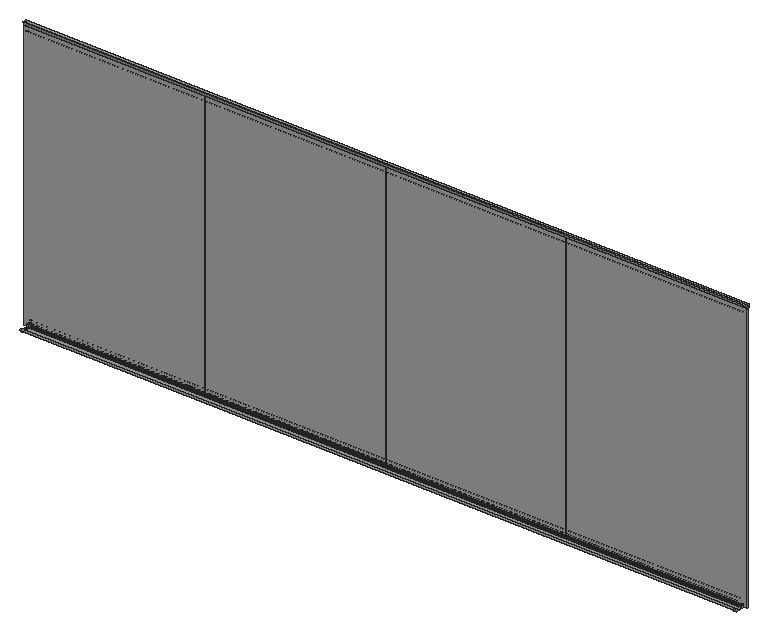
Revit family "Fluent Glass Wall 6x16", category Generic Models, Revit 2018
Family settings
  Can host rebar = No
  Round Connector Dimension = Use Diameter
  Part Type = Normal
  Work Plane-Based = No
  Always vertical = Yes
  Cut with Voids When Loaded = No
  Shared = No
  Room Calculation Point = No
Parameters
  Panel #4 = Fluent Glass Wall 6x16 Panel #4
  Panel #3 = Fluent Glass Wall 6x16 Panel #3
  Panel #2 = Fluent Glass Wall 6x16 Panel #2
  Panel #1 = Fluent Glass Wall 6x16 Panel #1
Reference planes (in)
  plane 1 "Center (Front/Back)": y = 0
  plane 2: z = 0
  plane 3 "Center (Left/Right)": x = 0
Forms (in)
  Extrusion 1, solid, material "Fluent Glass Wall Trim Metal"
    sketch origin (-47.24409, 0, 0) x (0, 1, 0) y (0, 0, 1)
      loop
        line (-0.28802, 12.71551) -> (-0.28802, 12.22363) -> (-0.48802, 12.22363) -> (-0.48802, 12.77363) -> (-0.60087, 12.77363)
        arc (-0.60087, 12.77363) -> (-0.62209, 12.76485) -> (-0.63087, 12.74363) r 0.03
        line (-0.63087, 12.74363) -> (-0.63087, 12.45418)
        arc (-0.63087, 12.45418) -> (-0.67788, 12.32564) -> (-0.79672, 12.25776) r 0.19924
        arc (-0.79672, 12.25776) -> (-0.86084, 12.24904) -> (-0.92548, 12.24613) r 0.7187
        line (-0.92548, 12.24613) -> (-1.97548, 12.24613)
        arc (-1.97548, 12.24613) -> (-2.26159, 12.30205) -> (-2.50559, 12.4616) r 0.75985
        arc (-2.50559, 12.4616) -> (-2.80704, 12.55283) -> (-2.79142, 12.23827) r 0.19261
        arc (-2.79142, 12.23827) -> (-2.48945, 12.06146) -> (-2.14496, 12) r 0.99607
        line (-2.14496, 12) -> (0, 12) -> (0, 12.30193)
        arc (0, 12.30193) -> (-0.0275, 12.32943) -> (-0.055, 12.30193) r 0.0275
        line (-0.055, 12.30193) -> (-0.055, 12.20843) -> (-0.20802, 12.20843) -> (-0.20802, 12.69439) -> (-0.0848, 12.81762)
        arc (-0.0848, 12.81762) -> (-0.06815, 12.82253) -> (-0.055, 12.81121) r 0.01814
        line (-0.055, 12.81121) -> (-0.055, 12.65693)
        arc (-0.055, 12.65693) -> (-0.0275, 12.62943) -> (0, 12.65693) r 0.0275
        line (0, 12.65693) -> (0, 13.70847)
        arc (0, 13.70847) -> (-0.03996, 13.74843) -> (-0.07993, 13.70847) r 0.03996
        line (-0.07993, 13.70847) -> (-0.07993, 13.62094)
        arc (-0.07993, 13.62094) -> (-0.07047, 13.60109) -> (-0.05, 13.59302) r 0.03
        line (-0.05, 13.59302) -> (-0.05, 13.15338)
        arc (-0.05, 13.15338) -> (-0.07121, 13.14459) -> (-0.08, 13.12338) r 0.03
        line (-0.08, 13.12338) -> (-0.08, 12.92353) -> (-0.28802, 12.71551)
    from -46.26181 to 140.75
  Extrusion 2, solid, material "Fluent Glass Wall Trim Metal"
    sketch origin (-47.24409, 0, 0) x (0, 1, 0) y (0, 0, 1)
      loop
        line (0, 83.35978) -> (-0.645, 83.35978)
        arc (-0.645, 83.35978) -> (-0.73852, 83.31739) -> (-0.76829, 83.21911) r 0.12436
        arc (-0.76829, 83.21911) -> (-0.57148, 82.66433) -> (-0.166, 82.23759) r 1.41542
        line (-0.166, 82.23759) -> (-0.166, 82.19574)
        arc (-0.166, 82.19574) -> (-0.16235, 82.17737) -> (-0.15194, 82.1618) r 0.048
        line (-0.15194, 82.1618) -> (-0.1, 82.10985) -> (-0.1, 81.00078)
        arc (-0.1, 81.00078) -> (-0.05, 80.95078) -> (0, 81.00078) r 0.05
        line (0, 81.00078) -> (0, 83.35978)
    from -47.24409 to 141.73228
  Extrusion 3, solid, material "Fluent Glass Wall 6x16 Panel #2" <- "Panel #2"
    sketch origin (-47.24409, 0, 0) x (0, 1, 0) y (0, 0, 1)
      loop
        line (-0.48802, 12.22363) -> (-0.28802, 12.22363) -> (-0.28802, 83.08978) -> (-0.48802, 83.08978) -> (-0.48802, 12.22363)
    from 0 to 47.24409
  Extrusion 4, solid, material "Fluent Glass Wall 6x16 Panel #1" <- "Panel #1"
    sketch origin (-47.24409, 0, 0) x (0, 1, 0) y (0, 0, -1)
      loop
        line (-0.48802, -12.22363) -> (-0.48802, -83.08978) -> (-0.28802, -83.08978) -> (-0.28802, -12.22363) -> (-0.48802, -12.22363)
    from 0 to 47.24409
  Extrusion 5, solid, material "Fluent Glass Wall Trim Black"
    sketch origin (-47.24409, 0, 0) x (0, 1, 0) y (0, 0, -1)
      loop
        line (-0.48802, -12.80488) -> (-0.48802, -11.96875) -> (-2.14496, -11.96875)
        arc (-2.14496, -11.96875) -> (-2.49924, -12.03177) -> (-2.81005, -12.2131) r 1.02732
        arc (-2.81005, -12.2131) -> (-2.82851, -12.57569) -> (-2.47857, -12.47895) r 0.22386
        arc (-2.47857, -12.47895) -> (-2.24646, -12.32965) -> (-1.97548, -12.27738) r 0.7286
        line (-1.97548, -12.27738) -> (-0.92548, -12.27738)
        arc (-0.92548, -12.27738) -> (-0.86355, -12.28017) -> (-0.80213, -12.28853) r 0.68745
        arc (-0.80213, -12.28853) -> (-0.70181, -12.34573) -> (-0.66212, -12.45418) r 0.16799
        line (-0.66212, -12.45418) -> (-0.66212, -12.74363)
        arc (-0.66212, -12.74363) -> (-0.64418, -12.78694) -> (-0.60087, -12.80488) r 0.06125
        line (-0.60087, -12.80488) -> (-0.48802, -12.80488)
    from 45.75863 to 46.29027
  Extrusion 6, solid, material "Fluent Glass Wall 6x16 Panel #3" <- "Panel #3"
    sketch origin (0, 0, 0) x (0, 1, 0) y (0, 0, 1)
      loop
        line (-0.48802, 12.22363) -> (-0.28802, 12.22363) -> (-0.28802, 83.08978) -> (-0.48802, 83.08978) -> (-0.48802, 12.22363)
    from 0 to 47.24409
  Extrusion 7, solid, material "Fluent Glass Wall 6x16 Panel #4" <- "Panel #4"
    sketch origin (47.24409, 0, 0) x (0, 1, 0) y (0, 0, 1)
      loop
        line (-0.48802, 12.22363) -> (-0.28802, 12.22363) -> (-0.28802, 83.08978) -> (-0.48802, 83.08978) -> (-0.48802, 12.22363)
    from 0 to 47.24409
  Extrusion 8, solid, material "Fluent Glass Wall Trim Black"
    sketch origin (47.24409, 0, 0) x (0, 1, 0) y (0, 0, 1)
      loop
        line (-0.48802, 12.80488) -> (-0.60087, 12.80488)
        arc (-0.60087, 12.80488) -> (-0.64418, 12.78694) -> (-0.66212, 12.74363) r 0.06125
        line (-0.66212, 12.74363) -> (-0.66212, 12.45418)
        arc (-0.66212, 12.45418) -> (-0.70181, 12.34573) -> (-0.80213, 12.28853) r 0.16799
        arc (-0.80213, 12.28853) -> (-0.86355, 12.28017) -> (-0.92548, 12.27738) r 0.68745
        line (-0.92548, 12.27738) -> (-1.97548, 12.27738)
        arc (-1.97548, 12.27738) -> (-2.24646, 12.32965) -> (-2.47857, 12.47895) r 0.7286
        arc (-2.47857, 12.47895) -> (-2.82851, 12.57569) -> (-2.81005, 12.2131) r 0.22386
        arc (-2.81005, 12.2131) -> (-2.49924, 12.03177) -> (-2.14496, 11.96875) r 1.02732
        line (-2.14496, 11.96875) -> (-0.48802, 11.96875) -> (-0.48802, 12.80488)
    from 45.75863 to 46.29027
Dimensions and locks (in)
  aligned and locked: plane 2 to level
